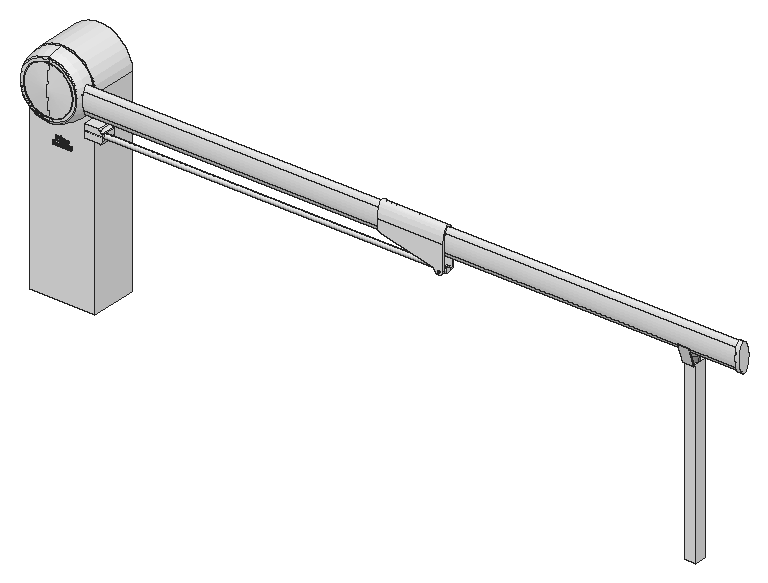
Revit family "Automatic Barrier-Ditec-Qik7EH", category Electrical Fixtures, Revit 2014
Parameters
  Youtube clip = ""
  With Joint [instance] = yes
  Weight Net (Kg) = 0
  Uniclass 2015 Name = ""
  Uniclass 2015 Code = ""
  Uniclass 2.0 Description = ""
  Uniclass 2.0 Code = ""
  Uniclass 1.4 Description = ""
  Uniclass 1.4 Code = ""
  UNSPSC Code = ""
  Torque/Thrust = "70 Nm"
  Technical description = ""
  Stroke control = "encoder"
  Release for manual opening = "Key-operated"
  Region South America = "All"
  Region Oceania = "All"
  Region North America = "All"
  Region Middle East = "All"
  Region Europe = "All"
  Region Asia = "All"
  Region Antarctica = "All"
  Region Africa = "All"
  QR code = "http://bimobject.com/ditec/product/dit-qik7"
  Protection rating = "IP 24D"
  Product group = "Automatic Barriers"
  Product family = "Gate Automation & Barriers"
  Product dimensions (mm) = "300x320x1050"
  Product data url = "http://bimobject.com/ditec/product/dit-qik7"
  Product certification = ""
  Product SKU = "dit-qik7"
  Product Guid = "776337cf-841a-4556-9f4e-64578078620e"
  Power supply = "230 V AC / 50-60 Hz"
  Power input = "1 A"
  Operating temperature = "-20°C / +55°C  (-35°C / +55°C with NIO enabled), (-10°C / +50°C with battery)"
  Opening speed = "2÷6 s/90°"
  Opened Barrier Arm [instance] = no
  OmniClass Description = ""
  OmniClass Code = ""
  Nominal width = 300
  Nominal height = 1050
  NBS Reference Description = ""
  NBS Reference Code = ""
  Material secondary = "Plastic"
  Material main = "Steel"
  Manufacturer name = "Ditec"
  Manufacturer country = "China"
  Intermittent operation = "S2 = 60 min, S3 = 60%"
  Installation instructions = "http://ftp.ditec.it/manuali/Manuali_Quarto/QIK4E-QIK7EH_IP1861EN.pdf"
  IFC Classification = ""
  Edition number = 1
  EAN code = ""
  Duty class = "5 - heavy duty"
  Design country = "Italy"
  Date of publishing = ""
  Control panel = "EL31R + M1QK (built-in)"
  Closing speed = "2÷6 s/90°"
  COBIe Type Category = ""
  Barrier Mounting Base back lines = not(Barrier Mounting Base)  # no
  Barrier Mounting Base = or(Arm Length Constraint = 1900 mm, Arm Length Constraint > 1900 mm)  # yes
  BIMobject category = ""
  Arm Length Constraint = if(Arm Length < 1300 mm, 1300 mm, if(Arm Length > 5800 mm, 5800 mm, Arm Length))  # 3000 mm
  Arm Length = 3000 mm
Reference planes
  plane 1 "Center (Front/Back)": y = 0
  plane 2: z = 0
  plane 3 "Center (Left/Right)": x = 0
  plane 4: z = 1050
  plane 5: z = 900
  plane 6: x = -300
  plane 7: x = -150
  plane 8: y = -210
  plane 9: x = 3000
  plane 10: x = 2980
  plane 11: x = 2800
  plane 12: x = 2750
Forms (mm)
  Sweep 1, solid, material "Qik7EH_aluminium", detail levels medium+fine
    path origin (0, 0, 0) x (0, 1, 0) y (0, 0, 1)
      loop
        line (0, 0) -> (-210, 0)
    profile origin (0, -105, 0) x (0, 0, -1) y (1, 0, 0)
      loop
        line (0, 0) -> (-900, 0)
        arc (-900, 0) -> (-1050, -150) -> (-900, -300) r 150
        line (-900, -300) -> (0, -300) -> (0, 0)
  Revolve 2, solid, material "Qik7EH_aluminium", detail levels fine
    sketch origin (-150, -1524, 1592.275) x (0, 0, 1) y (0, -1, 0)
      loop
        line (-557.05, -1314) -> (-557.05, -1308.595) -> (-545.05, -1308.595)
        arc (-545.05, -1308.595) -> (-549.975, -1271.92) -> (-561.643, -1236.803) r 197.831
        arc (-561.643, -1236.803) -> (-563.128, -1235.053) -> (-565.327, -1234.399) r 4.024
        line (-565.327, -1234.399) -> (-577.851, -1234.399) -> (-577.851, -1239.399) -> (-582.851, -1239.399) -> (-582.851, -1234.399)
        arc (-582.851, -1234.399) -> (-637.346, -1227.023) -> (-692.275, -1224.405) r 633.049
        line (-692.275, -1224.405) -> (-692.275, -1314) -> (-557.05, -1314)
      loop
        line (-692.275, -1524) -> (-692.275, -1534) -> (-672.275, -1534)
        arc (-672.275, -1534) -> (-643.561, -1532.791) -> (-615.05, -1529.173) r 341.651
        arc (-615.05, -1529.173) -> (-613.078, -1528.246) -> (-612.275, -1526.22) r 2.96
        line (-612.275, -1526.22) -> (-612.275, -1524) -> (-692.275, -1524)
      axis (-692.275, -1224.405) -> (-692.275, -1534)
    angle from 0 to 360
  Sweep 3, solid, material "Qik7EH_aluminium", detail levels medium
    path origin (0, 0, 0) x (1, 0, 0) y (0, 1, 0)
      loop
        line (-150, -210) -> (-150, -299.595)
    profile origin (-150, -254.798, 0) x (1, 0, 0) y (0, 0, 1)
      loop
        circle (0, 900) r 150
  Sweep 4, solid, material "Qik7EH_aluminium", detail levels coarse
    path origin (0, 0, 0) x (1, 0, 0) y (0, 0, 1)
      loop
        line (-300, 0) -> (-300, 1050)
    profile origin (-300, 0, 525) x (-1, 0, 0) y (0, -1, 0)
      loop
        line (0, 0) -> (0, 299.595) -> (-300, 299.595) -> (-300, 0) -> (0, 0)
  Sweep 5, solid, material "Qik7EH_aluminium", visible <- "Barrier Mounting Base"
    path origin (0, 0, 0) x (1, 0, 0) y (0, 0, 1)
      loop
        line (2800, 0) -> (2750, 0)
    profile origin (2775, 0, 0) x (0, 0, -1) y (0, -1, 0)
      loop
        line (0, 260.426) -> (0, 285.426) -> (-810, 285.426) -> (-810, 295.426) -> (-894.572, 326.208) -> (-895.598, 323.389) -> (-813, 293.325) -> (-813, 260.426) -> (-813, 227.527) -> (-895.598, 197.463) -> (-894.572, 194.644) -> (-810, 225.426) -> (-810, 235.426) -> (0, 235.426) -> (0, 260.426)
  Sweep 6, solid, material "Qik7EH_Rubber", visible <- "Barrier Mounting Base"
    path origin (0, 0, 0) x (1, 0, 0) y (0, 0, 1)
      loop
        line (2775, 813) -> (2775, 835)
    profile origin (2775, 0, 824) x (-1, 0, 0) y (0, -1, 0)
      loop
        circle (0, 260.426) r 20
Lines and regions (mm)
  Masking region 1
    outline origin (0, 0, 0) x (1, 0, 0) y (0, 0, 1)
      loop
        line (0, 0) -> (0, 840) -> (0, 922.5) -> (-1.697, 922.5)
        arc (-1.697, 922.5) -> (-161.282, 1049.575) -> (-300, 900) r 150
        line (-300, 900) -> (-300, 0) -> (0, 0)
  Masking region 2, detail levels medium+fine
    outline origin (0, 0, 0) x (0, 1, 0) y (0, 0, 1)
      loop
        line (0, 0) -> (0, 820) -> (2.22, 820)
        arc (2.22, 820) -> (4.246, 820.803) -> (5.173, 822.775) r 2.96
        arc (5.173, 822.775) -> (8.791, 851.286) -> (10, 880) r 341.651
        line (10, 880) -> (10, 900) -> (10, 920)
        arc (10, 920) -> (8.791, 948.714) -> (5.173, 977.225) r 341.651
        arc (5.173, 977.225) -> (4.246, 979.197) -> (2.22, 980) r 2.96
        line (2.22, 980) -> (0, 980) -> (0, 1050) -> (-210, 1050) -> (-210, 1047.225) -> (-215.405, 1047.225)
        arc (-215.405, 1047.225) -> (-252.08, 1042.3) -> (-287.197, 1030.632) r 197.831
        arc (-287.197, 1030.632) -> (-288.947, 1029.148) -> (-289.601, 1026.948) r 4.024
        line (-289.601, 1026.948) -> (-289.601, 1009.425)
        arc (-289.601, 1009.425) -> (-296.977, 954.93) -> (-299.595, 900) r 633.049
        arc (-299.595, 900) -> (-297.908, 856.39) -> (-293.221, 813) r 633.049
        arc (-293.221, 813) -> (-293.004, 811.5) -> (-292.784, 810) r 633.049
        arc (-292.784, 810) -> (-291.268, 800.275) -> (-289.601, 790.575) r 633.049
        line (-289.601, 790.575) -> (-289.601, 773.052)
        arc (-289.601, 773.052) -> (-288.947, 770.852) -> (-287.197, 769.368) r 4.024
        arc (-287.197, 769.368) -> (-286.313, 768.981) -> (-285.426, 768.599) r 197.831
        arc (-285.426, 768.599) -> (-260.888, 759.949) -> (-235.426, 754.595) r 197.831
        arc (-235.426, 754.595) -> (-225.439, 753.43) -> (-215.405, 752.775) r 197.831
        line (-215.405, 752.775) -> (-210, 752.775) -> (-210, 0) -> (0, 0)
  Masking region 3, visible <- "Barrier Mounting Base"
    outline origin (0, 0, 0) x (1, 0, 0) y (0, 0, 1)
      loop
        line (2750, 895.598) -> (2750, 0) -> (2800, 0) -> (2800, 895.598) -> (2750, 895.598)
  Masking region 4, visible <- "Barrier Mounting Base"
    outline origin (0, 0, 0) x (1, 0, 0) y (0, 1, 0)
      loop
        line (2750, -194.644) -> (2750, -240.426) -> (2800, -240.426) -> (2800, -194.644) -> (2750, -194.644)
      loop
        line (2750, -326.208) -> (2800, -326.208) -> (2800, -280.426) -> (2750, -280.426) -> (2750, -326.208)
  Masking region 5, visible <- "Barrier Mounting Base"
    outline origin (0, 0, 0) x (0, 1, 0) y (0, 0, 1)
      loop
        line (-285.426, 810) -> (-285.426, 0) -> (-235.426, 0) -> (-235.426, 810) -> (-225.426, 810) -> (-194.644, 894.572) -> (-197.463, 895.598) -> (-227.527, 813) -> (-240.426, 813) -> (-240.426, 835) -> (-280.426, 835) -> (-280.426, 813) -> (-293.325, 813) -> (-323.389, 895.598) -> (-326.208, 894.572) -> (-295.426, 810) -> (-285.426, 810)
  Masking region 6, detail levels coarse
    outline origin (0, 0, 0) x (0, 1, 0) y (0, 0, 1)
      loop
        line (-299.595, 1050) -> (-299.595, 830.226) -> (-299.595, 821.455) -> (-299.595, 0) -> (0, 0) -> (0, 1050) -> (-299.595, 1050)
  symbolic lines, detail levels fine
    curve 1: circle (-150, 0, 900) r 109.425 normal (0, -1, 0)
    curve 2: circle (-150, 0, 900) r 114.425 normal (0, -1, 0)
    curve 6: line (0, 5.173, 977.225) -> (0, 5.173, 822.775)
    curve 8: line (0, -215.405, 1047.225) -> (0, -215.405, 846.304)
    curve 9: line (0, -289.601, 790.575) -> (0, -289.601, 810)
    curve 11: line (-227.225, 5.173, 0) -> (-72.775, 5.173, 0)
    curve 15: line (0, -289.601, 813) -> (0, -289.601, 1009.425)
    curve 17: line (0, -215.405, 837.533) -> (0, -215.405, 752.775)
  symbolic lines, detail levels medium+fine
    curve 3: circle (-150, 0, 900) r 147.225 normal (0, -1, 0)
    curve 5: line (0, 0, 980) -> (0, 0, 820)
    curve 7: line (0, -210, 1047.225) -> (0, -210, 861.154)
    curve 10: line (-230, 0, 0) -> (-70, 0, 0)
    curve 19: line (0, -210, 852.383) -> (0, -210, 752.775)
  symbolic lines
    curve 4: line (0, 0, 840) -> (0, 0, 922.5)
  symbolic lines, visible <- "Barrier Mounting Base", detail levels medium+fine
    curve 12: line (2750, 0, 810) -> (2800, 0, 810)
  symbolic lines, visible <- "Barrier Mounting Base back lines", detail levels medium+fine
    curve 13: arc (0, -285.426, 768.599) -> (0, -260.888, 759.949) -> (0, -235.426, 754.595) r 197.831
    curve 16: arc (0, -293.221, 813) -> (0, -293.004, 811.5) -> (0, -292.784, 810) r 633.049
    curve 20: line (0, -210, 861.154) -> (0, -210, 852.383)
  symbolic lines, visible <- "Barrier Mounting Base back lines", detail levels fine
    curve 14: line (0, -289.601, 810) -> (0, -289.601, 813)
    curve 18: line (0, -215.405, 846.304) -> (0, -215.405, 837.533)
  symbolic lines, visible <- "Barrier Mounting Base", detail levels fine
    curve 21: line (0, -240.426, 813) -> (0, -280.426, 813)
  symbolic lines, visible <- "Barrier Mounting Base back lines", detail levels coarse
    curve 22: line (0, -299.595, 821.455) -> (0, -299.595, 830.226)
Dimensions and locks
  locked: plane 4 to level at 1050
  locked: plane 4 to plane 5 at 150
  plane 5 to level = 900 mm
  locked: plane 6 to plane 3 "Center (Left/Right)" at 300
  locked: plane 8 to plane 1 "Center (Front/Back)" at 210
  locked: Revolve 2 sketch curve to plane 8 at 89.595
  locked: plane 1 "Center (Front/Back)" to Revolve 2 sketch curve at 10
  equal spacing: plane 6, plane 7, plane 3 "Center (Left/Right)", locked at 150 each
  "Arm Length Constraint": plane 9 to plane 3 "Center (Left/Right)"
  locked: plane 9 to plane 10 at 20
  locked: Sweep 3 sketch curve to plane 8 at 89.595
  locked: plane 9 to plane 11 at 200
  locked: plane 11 to plane 12 at 50
  locked: plane 11 to Sweep 6 sketch curve at 25
  equal spacing: plane 12, Sweep 6 sketch curve, plane 11, locked at 25 each
  aligned and locked: level to plane 2
  aligned and locked: plane 5 to Revolve 2 sketch curve  (x3)
  aligned and locked: Revolve 2 sketch curve to plane 8
  aligned and locked: Revolve 2 sketch curve to plane 1 "Center (Front/Back)"
  aligned and locked: plane 7 to Revolve 2 sketch curve
  aligned and locked: nested 1 to plane 7
  aligned and locked: plane 1 "Center (Front/Back)" to Sweep 1 sketch curve
  aligned and locked: plane 8 to Sweep 1 sketch curve
  aligned and locked: Sweep 1 sketch curve to level
  aligned and locked: plane 8 to Sweep 3 sketch curve
  aligned and locked: plane 4 to Sweep 4 sketch curve
  aligned and locked: level to Sweep 4 sketch curve
  aligned and locked: Sweep 4 sketch curve to plane 6  (x2)
  aligned and locked: plane 1 "Center (Front/Back)" to Sweep 4 sketch curve
  aligned and locked: Sweep 4 sketch curve to plane 3 "Center (Left/Right)"
  aligned and locked: plane 11 to Sweep 5 sketch curve
  aligned and locked: plane 12 to Sweep 5 sketch curve
  aligned and locked: Sweep 5 sketch curve to level
  aligned and locked: Masking region 3 sketch curve to plane 11
  aligned and locked: plane 12 to Masking region 3 sketch curve
  aligned and locked: Masking region 3 sketch curve to level
  aligned and locked: plane 11 to curve 12
  aligned and locked: plane 12 to curve 12
  aligned and locked: plane 12 to Masking region 4 sketch curve  (x2)
  aligned and locked: Masking region 4 sketch curve to plane 11
  aligned and locked: plane 11 to Masking region 4 sketch curve
  aligned and locked: nested 2 to plane 1 "Center (Front/Back)"
  aligned and locked: plane 7 to nested 2
  aligned and locked: nested 2 to plane 5
Automatic sketch dimensions
  plane 1 "Center (Front/Back)" to curve 10 = 0 mm
  curve 10 to plane 3 "Center (Left/Right)" = 70 mm
  curve 11 to curve 10 = 2.775 mm
  curve 11 to plane 1 "Center (Front/Back)" = 5.173 mm
  curve 11 to plane 6 = 72.775 mm
  curve 10 to curve 11 = 2.775 mm
  Sweep 1 sketch curve to plane 3 "Center (Left/Right)" = 0 mm
  Sweep 1 sketch curve to profile plane = 0 mm
  profile plane to Sweep 1 sketch curve = 900 mm
  Sweep 1 sketch curve to plane 3 "Center (Left/Right)" = 150 mm
  Sweep 3 sketch curve to plane 7 = 0 mm
  profile plane to Sweep 3 sketch curve = 0 mm
  level to Sweep 3 sketch curve = 900 mm
  plane 1 "Center (Front/Back)" to Sweep 4 sketch curve = 299.595 mm
  Sweep 5 sketch curve to profile plane = 0 mm
  plane 1 "Center (Front/Back)" to Sweep 5 sketch curve = 235.426 mm
  profile plane to Sweep 5 sketch curve = 810 mm
  Sweep 5 sketch curve to Sweep 5 sketch curve = 0 mm
  plane 1 "Center (Front/Back)" to Sweep 5 sketch curve = 293.325 mm
  plane 1 "Center (Front/Back)" to Sweep 5 sketch curve = 227.527 mm
  Sweep 5 sketch curve to Sweep 5 sketch curve = 3 mm
  plane 1 "Center (Front/Back)" to Sweep 5 sketch curve = 326.208 mm
  Sweep 5 sketch curve to Sweep 5 sketch curve = 81.572 mm  (x2)
  plane 1 "Center (Front/Back)" to Sweep 5 sketch curve = 194.644 mm
  plane 1 "Center (Front/Back)" to Sweep 5 sketch curve = 323.389 mm
  plane 1 "Center (Front/Back)" to Sweep 5 sketch curve = 197.463 mm
  Sweep 5 sketch curve to Sweep 5 sketch curve = 25 mm  (x3)
  plane 5 to Sweep 6 sketch curve = 87 mm
  Sweep 6 sketch curve to Sweep 6 sketch curve = 22 mm
  plane 1 "Center (Front/Back)" to Sweep 6 sketch curve = 260.426 mm
  plane 5 to Masking region 3 sketch curve = 4.402 mm
  Masking region 4 sketch curve to plane 8 = 15.356 mm
  Masking region 4 sketch curve to Masking region 4 sketch curve = 45.782 mm
  plane 8 to Masking region 4 sketch curve = 30.426 mm
  Masking region 4 sketch curve to Masking region 4 sketch curve = 40 mm
  Masking region 5 sketch curve to level = 0 mm
  plane 5 to Masking region 5 sketch curve = 5.428 mm  (x2)
  plane 5 to Masking region 5 sketch curve = 4.402 mm  (x2)
  Masking region 5 sketch curve to Masking region 5 sketch curve = 2.819 mm
  Masking region 5 sketch curve to Masking region 5 sketch curve = 2.101 mm  (x2)
  plane 8 to Masking region 5 sketch curve = 75.426 mm
  Masking region 5 sketch curve to Masking region 5 sketch curve = 5 mm  (x2)
  plane 8 to Masking region 5 sketch curve = 25.426 mm
  Masking region 5 sketch curve to Masking region 5 sketch curve = 7.899 mm
  Masking region 5 sketch curve to plane 8 = 12.537 mm
  Masking region 5 sketch curve to Masking region 5 sketch curve = 22 mm  (x2)
  Masking region 5 sketch curve to Masking region 5 sketch curve = 3 mm
  Masking region 5 sketch curve to Masking region 5 sketch curve = 42.963 mm
  Masking region 2 sketch curve to Masking region 2 sketch curve = 0 mm  (x19)
  plane 5 to Masking region 2 sketch curve = 0 mm  (x2)
  Masking region 2 sketch curve to plane 8 = 0 mm  (x2)
  Masking region 2 sketch curve to level = 0 mm
  Masking region 2 sketch curve to plane 1 "Center (Front/Back)" = 0 mm  (x2)
  Masking region 2 sketch curve to plane 4 = 0 mm
  plane 8 to Masking region 2 sketch curve = 5.405 mm
  Masking region 2 sketch curve to Masking region 2 sketch curve = 70.171 mm
  Masking region 2 sketch curve to plane 4 = 23.052 mm
  Masking region 2 sketch curve to Masking region 2 sketch curve = 4.024 mm  (x2)
  Masking region 2 sketch curve to plane 5 = 20 mm
  Masking region 2 sketch curve to Masking region 2 sketch curve = 42.05 mm
  Masking region 2 sketch curve to plane 8 = 2.469 mm  (x2)
  Masking region 2 sketch curve to plane 1 "Center (Front/Back)" = 2.22 mm
  Masking region 2 sketch curve to Masking region 2 sketch curve = 2.22 mm
  Masking region 2 sketch curve to plane 1 "Center (Front/Back)" = 10 mm
  Masking region 2 sketch curve to plane 5 = 2.651 mm
  Masking region 2 sketch curve to Masking region 2 sketch curve = 323.448 mm
  Masking region 2 sketch curve to Masking region 2 sketch curve = 20.277 mm
  Masking region 2 sketch curve to Masking region 2 sketch curve = 17.524 mm  (x2)
  plane 5 to Masking region 2 sketch curve = 80 mm
  Masking region 2 sketch curve to Masking region 2 sketch curve = 2.96 mm  (x2)
  plane 5 to Masking region 2 sketch curve = 50.45 mm
  Masking region 2 sketch curve to Masking region 2 sketch curve = 20 mm
  plane 5 to Masking region 2 sketch curve = 2.651 mm
  Masking region 2 sketch curve to plane 5 = 50.45 mm
  Masking region 2 sketch curve to Masking region 2 sketch curve = 57.04 mm
  Masking region 2 sketch curve to plane 4 = 2.775 mm
  Masking region 2 sketch curve to Masking region 2 sketch curve = 20.021 mm  (x2)
  Masking region 2 sketch curve to Masking region 2 sketch curve = 1.771 mm  (x2)
  Masking region 2 sketch curve to Masking region 2 sketch curve = 3.183 mm
  Masking region 2 sketch curve to Masking region 2 sketch curve = 0.437 mm
  Masking region 2 sketch curve to Masking region 2 sketch curve = 79.601 mm
  Masking region 2 sketch curve to Masking region 2 sketch curve = 96.775 mm
  Masking region 2 sketch curve to Masking region 2 sketch curve = 38.43 mm
  Masking region 1 sketch curve to plane 5 = 0 mm
  plane 6 to Masking region 1 sketch curve = 0 mm
  Masking region 1 sketch curve to plane 7 = 0 mm
  Masking region 1 sketch curve to plane 3 "Center (Left/Right)" = 0 mm
  Masking region 1 sketch curve to level = 0 mm
  Masking region 1 sketch curve to plane 3 "Center (Left/Right)" = 1.697 mm
  plane 5 to Masking region 1 sketch curve = 60 mm
  curve 1 to curve 2 = 0 mm  (x2)
  curve 1 to curve 3 = 0 mm  (x2)
  curve 2 to curve 3 = 0 mm  (x2)
  curve 2 to plane 5 = 0 mm
  curve 2 to plane 7 = 0 mm
  curve 4 to plane 3 "Center (Left/Right)" = 0 mm
  curve 4 to plane 5 = 22.5 mm
  plane 5 to curve 4 = 60 mm
  plane 5 to curve 12 = 90 mm
  Masking region 6 sketch curve to plane 4 = 0 mm
  Masking region 6 sketch curve to level = 0 mm
  Masking region 6 sketch curve to plane 1 "Center (Front/Back)" = 0 mm
  plane 8 to Masking region 6 sketch curve = 89.595 mm
  plane 5 to Masking region 6 sketch curve = 78.545 mm
  Masking region 6 sketch curve to Masking region 6 sketch curve = 8.771 mm
  curve 20 to plane 8 = 0 mm
  curve 7 to plane 8 = 0 mm
  curve 19 to plane 8 = 0 mm
  curve 5 to plane 1 "Center (Front/Back)" = 0 mm
  curve 13 to plane 8 = 2.469 mm
  curve 16 to plane 5 = 2.651 mm
  curve 16 to plane 1 "Center (Front/Back)" = 333.448 mm
  curve 13 to plane 5 = 50.45 mm
  plane 8 to curve 17 = 5.405 mm
  plane 8 to curve 8 = 5.405 mm
  curve 18 to curve 8 = 0 mm  (x2)
  curve 13 to curve 17 = 20.021 mm
  plane 8 to curve 21 = 30.426 mm
  curve 21 to curve 21 = 40 mm
  curve 13 to curve 21 = 5 mm
  curve 9 to curve 21 = 9.175 mm
  curve 14 to curve 9 = 0 mm
  curve 15 to curve 14 = 0 mm  (x2)
  curve 16 to curve 9 = 3.183 mm
  curve 16 to curve 16 = 0.437 mm
  curve 22 to curve 16 = 6.375 mm
  curve 6 to plane 1 "Center (Front/Back)" = 5.173 mm
  plane 5 to curve 20 = 38.846 mm
  curve 7 to curve 20 = 0 mm
  curve 20 to curve 20 = 8.771 mm
  curve 19 to curve 20 = 0 mm
  curve 8 to curve 19 = 6.079 mm
  curve 18 to curve 8 = 8.771 mm
  curve 17 to curve 18 = 0 mm
  plane 5 to curve 22 = 69.774 mm
  plane 5 to curve 6 = 77.225 mm
  curve 22 to curve 22 = 8.771 mm
  curve 5 to curve 6 = 2.775 mm
  curve 14 to curve 22 = 8.455 mm
  curve 16 to curve 14 = 0 mm
  curve 14 to curve 21 = 0 mm
  curve 14 to curve 14 = 3 mm
  curve 9 to curve 14 = 0 mm
  curve 9 to curve 9 = 19.425 mm
  curve 13 to curve 9 = 21.976 mm
  curve 17 to curve 13 = 1.82 mm
  curve 17 to curve 19 = 0 mm
  curve 6 to plane 4 = 72.775 mm
  curve 6 to curve 5 = 2.775 mm
  curve 15 to plane 4 = 40.575 mm
  curve 7 to plane 4 = 2.775 mm
  curve 8 to plane 4 = 2.775 mm
  radius of Sweep 3 sketch curve = 150 mm
  radius of Sweep 6 sketch curve = 20 mm
  radius of curve 1 = 109.425 mm
  radius of curve 2 = 114.425 mm
  radius of curve 3 = 147.225 mm
Nested families
  nested 1: "Ditec_Logo" at (-179.787, -210, 672.5) x (1, 0, 0) z (0, -1, 0), type "Ditec_Logo", detail levels fine
  nested 2: "Ditec_Qik7EH_Barrier_Arm" at (-150, -260, 900), type "Ditec_Qik7EH_Barrier_Arm"
Definition of nested family "Ditec_Logo"
  Parameters (values of type "Ditec_Logo")
    Default Elevation = 1219.2 mm
  Reference planes
    plane 1 "Center (Front/Back)": y = 0
    plane 2: z = 0
    plane 3 "Center (Left/Right)": x = 0
    plane 4: x = 103.137
    plane 5: x = -43.563
    plane 6: y = -98.785
    plane 7: x = 29.787
  Forms (mm)
    Extrusion 1, solid
      sketch origin (0, 0, 0) x (1, 0, 0) y (0, 1, 0)
        loop
          line (-1219.2, 1219.2) -> (-1219.2, -1219.2) -> (1219.2, -1219.2) -> (1219.2, 1219.2) -> (-1219.2, 1219.2)
      from 0 to -304.8
    Extrusion 2, solid
      sketch origin (0, 0, 0) x (1, 0, 0) y (0, 1, 0)
        loop
          line (3.867, -3.239) -> (3.867, -15.521) -> (6.215, -15.521) -> (8.654, -15.296) -> (10.48, -14.414)
          arc (10.48, -14.414) -> (11.834, -12.136) -> (12.127, -9.501) r 6.272
          arc (12.127, -9.501) -> (11.839, -7.183) -> (10.831, -5.075) r 7.263
          arc (10.831, -5.075) -> (8.787, -3.606) -> (6.296, -3.239) r 5.325
          line (6.296, -3.239) -> (3.867, -3.239)
        loop
          line (0, -1.701) -> (0, -6.333) -> (0, -19.057) -> (6.701, -19.057)
          arc (6.701, -19.057) -> (16.229, -9.529) -> (6.701, 0) r 9.529
          line (6.701, 0) -> (1.665, 0)
          arc (1.665, 0) -> (0.453, -0.479) -> (0, -1.701) r 1.6
        loop
          line (18.284, -4.44) -> (25.242, 0.599) -> (24.1, 5.107) -> (18.284, -2.212) -> (18.284, -4.44)
        loop
          line (18.255, -5.56) -> (18.255, -19.057) -> (21.764, -19.057) -> (21.764, -5.56) -> (18.255, -5.56)
        loop
          line (28.272, -14.954) -> (28.164, -12.768) -> (28.164, -7.936) -> (31.052, -7.936) -> (31.052, -5.561) -> (28.164, -5.561) -> (28.164, -2.165) -> (24.975, -2.165) -> (24.975, -5.561) -> (23.113, -5.561) -> (23.113, -7.936) -> (24.975, -7.936) -> (24.975, -16.142)
          arc (24.975, -16.142) -> (25.205, -17.719) -> (26.325, -18.853) r 2.552
          line (26.325, -18.853) -> (27.408, -19.171) -> (28.704, -19.381) -> (30.136, -19.324) -> (31.052, -19.246) -> (31.052, -15.752)
          arc (31.052, -15.752) -> (29.424, -16.184) -> (28.272, -14.954) r 1.642
        loop
          line (35.749, -12.957) -> (45.521, -12.957) -> (45.105, -9.994) -> (43.766, -7.423)
          arc (43.766, -7.423) -> (41.55, -5.704) -> (38.799, -5.156) r 6.108
          arc (38.799, -5.156) -> (33.893, -7.192) -> (32.051, -12.174) r 6.639
          arc (32.051, -12.174) -> (34.042, -17.347) -> (39.177, -19.435) r 6.977
          line (39.177, -19.435) -> (41.78, -19.016) -> (43.739, -18.005) -> (44.805, -17.006) -> (45.332, -16.331) -> (42.443, -14.657)
          arc (42.443, -14.657) -> (41.102, -15.834) -> (39.366, -16.25) r 3.717
          arc (39.366, -16.25) -> (37.487, -15.811) -> (36.127, -14.441) r 3.495
          line (36.127, -14.441) -> (35.749, -12.957)
        loop
          arc (40.689, -8.719) -> (39.779, -8.146) -> (38.718, -7.963) r 2.764
          line (38.718, -7.963) -> (37.624, -8.15) -> (36.856, -8.583)
          arc (36.856, -8.583) -> (36.127, -9.426) -> (35.749, -10.473) r 3.059
          line (35.749, -10.473) -> (41.445, -10.473) -> (41.183, -9.412) -> (40.689, -8.719)
        loop
          arc (57.875, -14.295) -> (56.902, -14.169) -> (56.137, -14.784) r 1.25
          arc (56.137, -14.784) -> (55.101, -15.778) -> (53.7, -16.088) r 2.659
          arc (53.7, -16.088) -> (51.169, -14.939) -> (50.272, -12.309) r 3.502
          arc (50.272, -12.309) -> (51.125, -9.659) -> (53.619, -8.422) r 3.58
          arc (53.619, -8.422) -> (55.501, -9.176) -> (56.561, -10.905) r 3.225
          line (56.561, -10.905) -> (59.773, -9.313)
          arc (59.773, -9.313) -> (57.385, -6.263) -> (53.673, -5.156) r 6.381
          arc (53.673, -5.156) -> (48.619, -7.235) -> (46.654, -12.336) r 6.912
          arc (46.654, -12.336) -> (48.553, -17.389) -> (53.538, -19.462) r 6.792
          arc (53.538, -19.462) -> (57.257, -18.364) -> (59.773, -15.413) r 6.806
          line (59.773, -15.413) -> (57.875, -14.295)
        loop
          line (-13.563, -25.446) -> (72.925, -25.446) -> (72.925, -24.646) -> (-13.563, -24.646) -> (-13.563, -25.446)
        loop
          line (-5.628, -31.469) -> (-9.92, -31.469)
          arc (-9.92, -31.469) -> (-13.564, -35.113) -> (-9.92, -38.757) r 3.644
          line (-9.92, -38.757) -> (-5.628, -38.757) -> (-5.628, -37.345) -> (-8.87, -37.345)
          arc (-8.87, -37.345) -> (-10.325, -36.928) -> (-11.26, -35.738) r 2.456
          line (-11.26, -35.738) -> (-6.729, -35.738) -> (-6.729, -34.469) -> (-11.255, -34.469)
          arc (-11.255, -34.469) -> (-10.315, -33.294) -> (-8.87, -32.879) r 2.479
          line (-8.87, -32.879) -> (-5.628, -32.879) -> (-5.628, -31.469)
        loop
          line (3.853, -38.755) -> (3.853, -31.469) -> (1.579, -31.469) -> (1.579, -36.035) -> (-2.468, -31.469) -> (-4.425, -31.469) -> (-4.425, -38.753) -> (-2.152, -38.753) -> (-2.152, -34.203) -> (1.883, -38.755) -> (3.853, -38.755)
        loop
          line (7.807, -32.734) -> (7.807, -38.755) -> (10.139, -38.755) -> (10.139, -32.734) -> (12.887, -32.734) -> (12.887, -31.465) -> (5.046, -31.465) -> (5.046, -32.734) -> (7.807, -32.734)
        loop
          line (14.089, -31.465) -> (14.089, -38.755) -> (16.401, -38.755) -> (16.401, -35.933) -> (18.263, -35.933) -> (19.859, -38.755) -> (22.361, -38.755) -> (20.531, -35.731)
          arc (20.531, -35.731) -> (22.369, -33.566) -> (20.457, -31.465) r 2.152
          line (20.457, -31.465) -> (14.089, -31.465)
        loop
          line (18.944, -32.757) -> (16.401, -32.757) -> (16.401, -34.648) -> (18.944, -34.648)
          arc (18.944, -34.648) -> (19.89, -33.703) -> (18.944, -32.757) r 0.945
        loop
          line (29.162, -37.344) -> (28.047, -37.344)
          arc (28.047, -37.344) -> (26.607, -36.92) -> (25.683, -35.738) r 2.457
          line (25.683, -35.738) -> (30.215, -35.738) -> (30.215, -34.469) -> (25.689, -34.469)
          arc (25.689, -34.469) -> (26.628, -33.294) -> (28.073, -32.879) r 2.478
          line (28.073, -32.879) -> (31.316, -32.879) -> (31.316, -31.469) -> (27.023, -31.469)
          arc (27.023, -31.469) -> (24.414, -32.505) -> (23.381, -35.115) r 3.536
          arc (23.381, -35.115) -> (24.418, -37.72) -> (27.023, -38.757) r 3.544
          line (27.023, -38.757) -> (28.314, -38.757) -> (29.162, -37.344)
        loop
          line (38.79, -38.755) -> (40.989, -35.094) -> (40.989, -38.755) -> (43.065, -38.755) -> (43.065, -31.467) -> (41.425, -31.467) -> (39.367, -34.895) -> (39.367, -31.467) -> (37.729, -31.467) -> (33.358, -38.755) -> (35.465, -38.755) -> (37.661, -35.094) -> (37.661, -38.755) -> (38.79, -38.755)
        loop
          line (43.871, -38.785) -> (46.374, -38.785) -> (46.819, -37.49) -> (50.149, -37.49) -> (50.588, -38.753) -> (53.042, -38.753) -> (49.869, -31.465) -> (47.063, -31.465) -> (43.871, -38.785)
        loop
          line (48.47, -32.653) -> (47.241, -36.252) -> (49.72, -36.252) -> (48.47, -32.653)
        loop
          line (52.469, -32.731) -> (54.957, -32.731) -> (54.957, -38.755) -> (57.293, -38.755) -> (57.293, -32.731) -> (59.775, -32.731) -> (59.775, -31.465) -> (52.469, -31.465) -> (52.469, -32.731)
        loop
          line (63.556, -38.747) -> (63.556, -31.465) -> (61.242, -31.465) -> (61.242, -38.747) -> (63.556, -38.747)
        loop
          arc (64.99, -35.115) -> (66.027, -37.72) -> (68.632, -38.757) r 3.544
          line (68.632, -38.757) -> (72.925, -38.757) -> (72.925, -37.345) -> (69.652, -37.345)
          arc (69.652, -37.345) -> (67.962, -36.735) -> (67.191, -35.111) r 2.36
          arc (67.191, -35.111) -> (67.979, -33.484) -> (69.682, -32.879) r 2.382
          line (69.682, -32.879) -> (72.925, -32.879) -> (72.925, -31.469) -> (68.632, -31.469)
          arc (68.632, -31.469) -> (66.023, -32.505) -> (64.99, -35.115) r 3.536
        loop
          line (32.583, -38.755) -> (36.943, -31.484) -> (35.646, -31.484) -> (31.286, -38.755) -> (32.583, -38.755)
        loop
          line (34.128, -31.484) -> (29.766, -38.757) -> (30.566, -38.757) -> (34.928, -31.484) -> (34.128, -31.484)
      from 0 to 2
  Dimensions and locks
    equal spacing: plane 5, plane 7, plane 4, locked at 73.35 each
    aligned and locked: plane 2 to Extrusion 1
    aligned and locked: level to Extrusion 1
  Automatic sketch dimensions
    Extrusion 1 sketch curve to Extrusion 1 sketch curve = 2438.4 mm  (x2)
    Extrusion 2 sketch curve to plane 3 "Center (Left/Right)" = 0 mm
    plane 1 "Center (Front/Back)" to Extrusion 2 sketch curve = 0 mm
    Extrusion 2 sketch curve to plane 3 "Center (Left/Right)" = 2.152 mm
    Extrusion 2 sketch curve to plane 3 "Center (Left/Right)" = 2.468 mm
    Extrusion 2 sketch curve to Extrusion 2 sketch curve = 2.273 mm
    Extrusion 2 sketch curve to Extrusion 2 sketch curve = 1.203 mm  (x2)
    Extrusion 2 sketch curve to Extrusion 2 sketch curve = 1.101 mm
    Extrusion 2 sketch curve to Extrusion 2 sketch curve = 2.141 mm
    Extrusion 2 sketch curve to Extrusion 2 sketch curve = 2.212 mm
    Extrusion 2 sketch curve to Extrusion 2 sketch curve = 0.014 mm  (x2)
    Extrusion 2 sketch curve to Extrusion 2 sketch curve = 0.965 mm
    Extrusion 2 sketch curve to Extrusion 2 sketch curve = 1.335 mm
    Extrusion 2 sketch curve to Extrusion 2 sketch curve = 0.005 mm  (x3)
    Extrusion 2 sketch curve to Extrusion 2 sketch curve = 3.642 mm
    plane 3 "Center (Left/Right)" to Extrusion 2 sketch curve = 1.579 mm
    plane 3 "Center (Left/Right)" to Extrusion 2 sketch curve = 1.597 mm
    Extrusion 2 sketch curve to Extrusion 2 sketch curve = 0.068 mm
    plane 3 "Center (Left/Right)" to Extrusion 2 sketch curve = 1.883 mm
    Extrusion 2 sketch curve to Extrusion 2 sketch curve = 2.274 mm
    plane 3 "Center (Left/Right)" to Extrusion 2 sketch curve = 3.867 mm
    plane 3 "Center (Left/Right)" to Extrusion 2 sketch curve = 4.869 mm
    Extrusion 2 sketch curve to Extrusion 2 sketch curve = 1.193 mm
    Extrusion 2 sketch curve to Extrusion 2 sketch curve = 1.019 mm
    Extrusion 2 sketch curve to Extrusion 2 sketch curve = 2.348 mm
    Extrusion 2 sketch curve to Extrusion 2 sketch curve = 2.429 mm
    Extrusion 2 sketch curve to Extrusion 2 sketch curve = 0.405 mm
    Extrusion 2 sketch curve to Extrusion 2 sketch curve = 0.088 mm  (x2)
    Extrusion 2 sketch curve to Extrusion 2 sketch curve = 3.954 mm
    Extrusion 2 sketch curve to Extrusion 2 sketch curve = 2.439 mm
    Extrusion 2 sketch curve to Extrusion 2 sketch curve = 2.332 mm
    Extrusion 2 sketch curve to Extrusion 2 sketch curve = 1.825 mm
    Extrusion 2 sketch curve to Extrusion 2 sketch curve = 2.748 mm
    Extrusion 2 sketch curve to Extrusion 2 sketch curve = 1.202 mm
    Extrusion 2 sketch curve to Extrusion 2 sketch curve = 2.312 mm  (x2)
    Extrusion 2 sketch curve to Extrusion 2 sketch curve = 7.775 mm
    Extrusion 2 sketch curve to Extrusion 2 sketch curve = 1.863 mm  (x3)
    Extrusion 2 sketch curve to Extrusion 2 sketch curve = 0.03 mm
    Extrusion 2 sketch curve to Extrusion 2 sketch curve = 2.543 mm
    Extrusion 2 sketch curve to Extrusion 2 sketch curve = 1.596 mm
    Extrusion 2 sketch curve to Extrusion 2 sketch curve = 1.273 mm
    Extrusion 2 sketch curve to Extrusion 2 sketch curve = 1.513 mm
    Extrusion 2 sketch curve to Extrusion 2 sketch curve = 1.587 mm
    Extrusion 2 sketch curve to Extrusion 2 sketch curve = 3.509 mm
    Extrusion 2 sketch curve to Extrusion 2 sketch curve = 2.501 mm
    Extrusion 2 sketch curve to Extrusion 2 sketch curve = 1.349 mm
    plane 7 to Extrusion 2 sketch curve = 5.687 mm
    Extrusion 2 sketch curve to plane 1 "Center (Front/Back)" = 0.599 mm
    Extrusion 2 sketch curve to Extrusion 2 sketch curve = 0.267 mm
    plane 7 to Extrusion 2 sketch curve = 4.104 mm
    Extrusion 2 sketch curve to Extrusion 2 sketch curve = 1.35 mm
    Extrusion 2 sketch curve to Extrusion 2 sketch curve = 1.227 mm
    Extrusion 2 sketch curve to Extrusion 2 sketch curve = 0.008 mm  (x3)
    plane 7 to Extrusion 2 sketch curve = 2.764 mm  (x2)
    Extrusion 2 sketch curve to Extrusion 2 sketch curve = 1.083 mm
    plane 7 to Extrusion 2 sketch curve = 2.298 mm
    Extrusion 2 sketch curve to Extrusion 2 sketch curve = 1.073 mm
    plane 7 to Extrusion 2 sketch curve = 1.741 mm
    plane 7 to Extrusion 2 sketch curve = 1.714 mm
    plane 7 to Extrusion 2 sketch curve = 1.623 mm  (x2)
    plane 7 to Extrusion 2 sketch curve = 1.515 mm
    Extrusion 2 sketch curve to Extrusion 2 sketch curve = 1.291 mm
    plane 7 to Extrusion 2 sketch curve = 1.084 mm
    plane 7 to Extrusion 2 sketch curve = 0.626 mm
    plane 7 to Extrusion 2 sketch curve = 0.021 mm
    Extrusion 2 sketch curve to plane 7 = 0.089 mm
    Extrusion 2 sketch curve to plane 7 = 0.349 mm
    Extrusion 2 sketch curve to plane 7 = 0.428 mm
    Extrusion 2 sketch curve to plane 7 = 0.779 mm
    Extrusion 2 sketch curve to Extrusion 2 sketch curve = 0.916 mm
    Extrusion 2 sketch curve to plane 7 = 1.265 mm
    Extrusion 2 sketch curve to Extrusion 2 sketch curve = 0.72 mm
    Extrusion 2 sketch curve to plane 7 = 1.528 mm
    Extrusion 2 sketch curve to Extrusion 2 sketch curve = 1.297 mm  (x2)
    Extrusion 2 sketch curve to Extrusion 2 sketch curve = 0.775 mm
    Extrusion 2 sketch curve to Extrusion 2 sketch curve = 2.812 mm
    Extrusion 2 sketch curve to Extrusion 2 sketch curve = 0.8 mm  (x2)
    Extrusion 2 sketch curve to Extrusion 2 sketch curve = 2.107 mm
    Extrusion 2 sketch curve to Extrusion 2 sketch curve = 0.719 mm
    Extrusion 2 sketch curve to Extrusion 2 sketch curve = 4.697 mm
    Extrusion 2 sketch curve to Extrusion 2 sketch curve = 0 mm  (x14)
    Extrusion 2 sketch curve to Extrusion 2 sketch curve = 0.378 mm
    Extrusion 2 sketch curve to Extrusion 2 sketch curve = 1.107 mm
    Extrusion 2 sketch curve to Extrusion 2 sketch curve = 0.769 mm
    Extrusion 2 sketch curve to Extrusion 2 sketch curve = 0.718 mm
    Extrusion 2 sketch curve to Extrusion 2 sketch curve = 0.786 mm
    Extrusion 2 sketch curve to Extrusion 2 sketch curve = 2.93 mm
    Extrusion 2 sketch curve to Extrusion 2 sketch curve = 1.094 mm
    Extrusion 2 sketch curve to Extrusion 2 sketch curve = 0.021 mm  (x2)
    Extrusion 2 sketch curve to Extrusion 2 sketch curve = 1.129 mm
    Extrusion 2 sketch curve to Extrusion 2 sketch curve = 0.246 mm
    Extrusion 2 sketch curve to Extrusion 2 sketch curve = 0.342 mm
    Extrusion 2 sketch curve to Extrusion 2 sketch curve = 3.05 mm  (x2)
    Extrusion 2 sketch curve to Extrusion 2 sketch curve = 0.169 mm
    Extrusion 2 sketch curve to Extrusion 2 sketch curve = 1.638 mm
    Extrusion 2 sketch curve to Extrusion 2 sketch curve = 0.202 mm
    Extrusion 2 sketch curve to Extrusion 2 sketch curve = 1.971 mm
    Extrusion 2 sketch curve to Extrusion 2 sketch curve = 2.199 mm
    Extrusion 2 sketch curve to Extrusion 2 sketch curve = 0.493 mm
    Extrusion 2 sketch curve to Extrusion 2 sketch curve = 2.058 mm
    Extrusion 2 sketch curve to Extrusion 2 sketch curve = 0.262 mm
    Extrusion 2 sketch curve to Extrusion 2 sketch curve = 2.603 mm
    Extrusion 2 sketch curve to Extrusion 2 sketch curve = 2.076 mm
    Extrusion 2 sketch curve to Extrusion 2 sketch curve = 1.96 mm
    plane 1 "Center (Front/Back)" to Extrusion 2 sketch curve = 7.423 mm
    Extrusion 2 sketch curve to Extrusion 2 sketch curve = 2.583 mm
    Extrusion 2 sketch curve to Extrusion 2 sketch curve = 0.806 mm
    Extrusion 2 sketch curve to Extrusion 2 sketch curve = 1.065 mm
    Extrusion 2 sketch curve to Extrusion 2 sketch curve = 1.34 mm
    Extrusion 2 sketch curve to Extrusion 2 sketch curve = 0.527 mm
    Extrusion 2 sketch curve to Extrusion 2 sketch curve = 0.415 mm
    Extrusion 2 sketch curve to Extrusion 2 sketch curve = 2.503 mm
    Extrusion 2 sketch curve to Extrusion 2 sketch curve = 0.446 mm
    Extrusion 2 sketch curve to Extrusion 2 sketch curve = 3.998 mm
    Extrusion 2 sketch curve to Extrusion 2 sketch curve = 0.421 mm
    Extrusion 2 sketch curve to Extrusion 2 sketch curve = 1.406 mm
    Extrusion 2 sketch curve to Extrusion 2 sketch curve = 2.479 mm
    Extrusion 2 sketch curve to Extrusion 2 sketch curve = 1.399 mm
    Extrusion 2 sketch curve to Extrusion 2 sketch curve = 0.429 mm
    Extrusion 2 sketch curve to Extrusion 2 sketch curve = 0.439 mm
    Extrusion 2 sketch curve to Extrusion 2 sketch curve = 2.599 mm
    Extrusion 2 sketch curve to Extrusion 2 sketch curve = 2.453 mm
    Extrusion 2 sketch curve to Extrusion 2 sketch curve = 7.9 mm
    Extrusion 2 sketch curve to Extrusion 2 sketch curve = 0.017 mm  (x3)
    Extrusion 2 sketch curve to Extrusion 2 sketch curve = 0.113 mm
    Extrusion 2 sketch curve to Extrusion 2 sketch curve = 0.141 mm
    Extrusion 2 sketch curve to Extrusion 2 sketch curve = 0.212 mm
    Extrusion 2 sketch curve to Extrusion 2 sketch curve = 0.371 mm
    Extrusion 2 sketch curve to Extrusion 2 sketch curve = 0.277 mm
    Extrusion 2 sketch curve to Extrusion 2 sketch curve = 0.296 mm
    Extrusion 2 sketch curve to Extrusion 2 sketch curve = 2.488 mm
    plane 1 "Center (Front/Back)" to Extrusion 2 sketch curve = 10.905 mm
    Extrusion 2 sketch curve to Extrusion 2 sketch curve = 2.769 mm
    Extrusion 2 sketch curve to Extrusion 2 sketch curve = 3.394 mm
    Extrusion 2 sketch curve to Extrusion 2 sketch curve = 2.337 mm
    Extrusion 2 sketch curve to Extrusion 2 sketch curve = 0.635 mm
    Extrusion 2 sketch curve to Extrusion 2 sketch curve = 1.898 mm
    plane 1 "Center (Front/Back)" to Extrusion 2 sketch curve = 9.313 mm
    Extrusion 2 sketch curve to Extrusion 2 sketch curve = 3.213 mm
    Extrusion 2 sketch curve to Extrusion 2 sketch curve = 2.481 mm
    Extrusion 2 sketch curve to Extrusion 2 sketch curve = 3.949 mm
    Extrusion 2 sketch curve to Extrusion 2 sketch curve = 2.314 mm
    Extrusion 2 sketch curve to Extrusion 2 sketch curve = 4.969 mm
    Extrusion 2 sketch curve to Extrusion 2 sketch curve = 0.099 mm
    Extrusion 2 sketch curve to Extrusion 2 sketch curve = 0.107 mm
    Extrusion 2 sketch curve to Extrusion 2 sketch curve = 1.023 mm
    Extrusion 2 sketch curve to Extrusion 2 sketch curve = 1.02 mm
    Extrusion 2 sketch curve to Extrusion 2 sketch curve = 1.05 mm  (x2)
    Extrusion 2 sketch curve to Extrusion 2 sketch curve = 3.273 mm
    Extrusion 2 sketch curve to Extrusion 2 sketch curve = 4.293 mm
    Extrusion 2 sketch curve to Extrusion 2 sketch curve = 3.242 mm
    Extrusion 2 sketch curve to Extrusion 2 sketch curve = 3.548 mm
    Extrusion 2 sketch curve to Extrusion 2 sketch curve = 0.288 mm
    Extrusion 2 sketch curve to Extrusion 2 sketch curve = 0.631 mm
    Extrusion 2 sketch curve to Extrusion 2 sketch curve = 0.105 mm
    Extrusion 2 sketch curve to Extrusion 2 sketch curve = 0.534 mm
    Extrusion 2 sketch curve to Extrusion 2 sketch curve = 0.459 mm
    Extrusion 2 sketch curve to Extrusion 2 sketch curve = 0.072 mm
    Extrusion 2 sketch curve to Extrusion 2 sketch curve = 0.666 mm
    Extrusion 2 sketch curve to Extrusion 2 sketch curve = 0.073 mm
    Extrusion 2 sketch curve to Extrusion 2 sketch curve = 0.519 mm
    Extrusion 2 sketch curve to Extrusion 2 sketch curve = 0.069 mm
    Extrusion 2 sketch curve to Extrusion 2 sketch curve = 0.015 mm
    Extrusion 2 sketch curve to Extrusion 2 sketch curve = 0.226 mm
    Extrusion 2 sketch curve to Extrusion 2 sketch curve = 0.973 mm
    Extrusion 2 sketch curve to Extrusion 2 sketch curve = 1.163 mm
    Extrusion 2 sketch curve to Extrusion 2 sketch curve = 0.777 mm
    Extrusion 2 sketch curve to Extrusion 2 sketch curve = 3.39 mm
    plane 1 "Center (Front/Back)" to Extrusion 2 sketch curve = 14.414 mm
    Extrusion 2 sketch curve to Extrusion 2 sketch curve = 1.485 mm
    Extrusion 2 sketch curve to Extrusion 2 sketch curve = 1.838 mm
    Extrusion 2 sketch curve to Extrusion 2 sketch curve = 1.7 mm
    Extrusion 2 sketch curve to Extrusion 2 sketch curve = 0.348 mm
    Extrusion 2 sketch curve to Extrusion 2 sketch curve = 0.881 mm
    Extrusion 2 sketch curve to Extrusion 2 sketch curve = 1.077 mm
    Extrusion 2 sketch curve to Extrusion 2 sketch curve = 1.118 mm
    Extrusion 2 sketch curve to Extrusion 2 sketch curve = 0.225 mm
    Extrusion 2 sketch curve to Extrusion 2 sketch curve = 1.188 mm  (x2)
    Extrusion 2 sketch curve to Extrusion 2 sketch curve = 1.674 mm
    Extrusion 2 sketch curve to Extrusion 2 sketch curve = 1.628 mm
    Extrusion 2 sketch curve to Extrusion 2 sketch curve = 0.675 mm
    Extrusion 2 sketch curve to Extrusion 2 sketch curve = 0.999 mm
    Extrusion 2 sketch curve to Extrusion 2 sketch curve = 1.012 mm
    Extrusion 2 sketch curve to Extrusion 2 sketch curve = 2.915 mm
    Extrusion 2 sketch curve to Extrusion 2 sketch curve = 3.536 mm
    Extrusion 2 sketch curve to Extrusion 2 sketch curve = 3.494 mm
    Extrusion 2 sketch curve to Extrusion 2 sketch curve = 0.318 mm
    Extrusion 2 sketch curve to Extrusion 2 sketch curve = 0.078 mm
    Extrusion 2 sketch curve to Extrusion 2 sketch curve = 0.057 mm
    Extrusion 2 sketch curve to Extrusion 2 sketch curve = 0.419 mm
    Extrusion 2 sketch curve to Extrusion 2 sketch curve = 9.233 mm
    Extrusion 2 sketch curve to Extrusion 2 sketch curve = 12.448 mm
    Extrusion 2 sketch curve to Extrusion 2 sketch curve = 12.408 mm
    Extrusion 2 sketch curve to Extrusion 2 sketch curve = 0.002 mm  (x2)
    Extrusion 2 sketch curve to Extrusion 2 sketch curve = 6.024 mm  (x2)
    Extrusion 2 sketch curve to Extrusion 2 sketch curve = 1.266 mm  (x2)
    Extrusion 2 sketch curve to Extrusion 2 sketch curve = 1.269 mm  (x4)
    Extrusion 2 sketch curve to Extrusion 2 sketch curve = 1.293 mm
    Extrusion 2 sketch curve to Extrusion 2 sketch curve = 1.41 mm  (x3)
    Extrusion 2 sketch curve to Extrusion 2 sketch curve = 0.846 mm
    Extrusion 2 sketch curve to Extrusion 2 sketch curve = 0.945 mm
    Extrusion 2 sketch curve to Extrusion 2 sketch curve = 2.734 mm
    Extrusion 2 sketch curve to Extrusion 2 sketch curve = 1.589 mm  (x2)
    Extrusion 2 sketch curve to Extrusion 2 sketch curve = 0.469 mm
    Extrusion 2 sketch curve to Extrusion 2 sketch curve = 0.468 mm
    Extrusion 2 sketch curve to Extrusion 2 sketch curve = 3.428 mm
    Extrusion 2 sketch curve to Extrusion 2 sketch curve = 2.108 mm
    Extrusion 2 sketch curve to Extrusion 2 sketch curve = 0.116 mm
    Extrusion 2 sketch curve to Extrusion 2 sketch curve = 0.199 mm  (x2)
    Extrusion 2 sketch curve to Extrusion 2 sketch curve = 0.224 mm
    Extrusion 2 sketch curve to Extrusion 2 sketch curve = 0.21 mm
    Extrusion 2 sketch curve to Extrusion 2 sketch curve = 0.211 mm
    Extrusion 2 sketch curve to Extrusion 2 sketch curve = 0.271 mm
    Extrusion 2 sketch curve to Extrusion 2 sketch curve = 1.285 mm
    Extrusion 2 sketch curve to Extrusion 2 sketch curve = 1.831 mm
    Extrusion 2 sketch curve to Extrusion 2 sketch curve = 3.599 mm
    Extrusion 2 sketch curve to Extrusion 2 sketch curve = 2.087 mm
    Extrusion 2 sketch curve to Extrusion 2 sketch curve = 1.412 mm  (x2)
    Extrusion 2 sketch curve to Extrusion 2 sketch curve = 1.237 mm
    Extrusion 2 sketch curve to Extrusion 2 sketch curve = 3.636 mm
    Extrusion 2 sketch curve to Extrusion 2 sketch curve = 1.264 mm
    Extrusion 2 sketch curve to Extrusion 2 sketch curve = 0.004 mm
    Extrusion 2 sketch curve to Extrusion 2 sketch curve = 3.662 mm
    Extrusion 2 sketch curve to Extrusion 2 sketch curve = 2.721 mm
    Extrusion 2 sketch curve to Extrusion 2 sketch curve = 1.411 mm
    Extrusion 2 sketch curve to Extrusion 2 sketch curve = 2.822 mm
    Extrusion 2 sketch curve to Extrusion 2 sketch curve = 3.024 mm
    Extrusion 2 sketch curve to Extrusion 2 sketch curve = 1.413 mm
    Extrusion 2 sketch curve to Extrusion 2 sketch curve = 1.295 mm
    Extrusion 2 sketch curve to Extrusion 2 sketch curve = 0.245 mm
    Extrusion 2 sketch curve to Extrusion 2 sketch curve = 0.787 mm
    Extrusion 2 sketch curve to Extrusion 2 sketch curve = 0.614 mm
    Extrusion 2 sketch curve to Extrusion 2 sketch curve = 2.57 mm
    Extrusion 2 sketch curve to Extrusion 2 sketch curve = 1.061 mm
    Extrusion 2 sketch curve to Extrusion 2 sketch curve = 0.92 mm
    Extrusion 2 sketch curve to Extrusion 2 sketch curve = 0.693 mm
    Extrusion 2 sketch curve to Extrusion 2 sketch curve = 0.987 mm
    Extrusion 2 sketch curve to Extrusion 2 sketch curve = 0.433 mm
    Extrusion 2 sketch curve to Extrusion 2 sketch curve = 2.537 mm
    Extrusion 2 sketch curve to Extrusion 2 sketch curve = 2.89 mm
    Extrusion 2 sketch curve to Extrusion 2 sketch curve = 2.375 mm  (x2)
    Extrusion 2 sketch curve to Extrusion 2 sketch curve = 1.12 mm
    plane 1 "Center (Front/Back)" to Extrusion 2 sketch curve = 3.239 mm
    plane 1 "Center (Front/Back)" to Extrusion 2 sketch curve = 2.212 mm
    plane 1 "Center (Front/Back)" to Extrusion 2 sketch curve = 2.165 mm
    plane 1 "Center (Front/Back)" to Extrusion 2 sketch curve = 1.701 mm
    Extrusion 2 sketch curve to Extrusion 2 sketch curve = 4.508 mm
    Extrusion 2 sketch curve to Extrusion 2 sketch curve = 4.535 mm
    Extrusion 2 sketch curve to plane 7 = 2.263 mm
    Extrusion 2 sketch curve to Extrusion 2 sketch curve = 1.134 mm
    Extrusion 2 sketch curve to Extrusion 2 sketch curve = 3.166 mm
    Extrusion 2 sketch curve to Extrusion 2 sketch curve = 3.703 mm
    Extrusion 2 sketch curve to Extrusion 2 sketch curve = 0.173 mm
    Extrusion 2 sketch curve to Extrusion 2 sketch curve = 0.147 mm
Definition of nested family "Ditec_Qik7EH_Barrier_Arm"
  Parameters (values of type "Ditec_Qik7EH_Barrier_Arm")
    With Joint = yes
    Opened Without Joint = and(Opened Barrier Arm, not(With Joint))  # no
    Opened With Joint = and(Opened Barrier Arm, With Joint)  # no
    Opened Barrier Arm = no
    Closed With Joint = and(Closed Barrier Arm, With Joint)  # yes
    Closed Barrier Arm = not(Opened Barrier Arm)  # yes
    Arm_Length/2 = Arm Length Constraint / 2  # 1500 mm
    Arm Length Constraint = 3000 mm
  Reference planes
    plane 1 "Center (Front/Back)": y = 0
    plane 2: z = 0
    plane 3 "Center (Left/Right)": x = 0
    plane 4: x = 150
    plane 5: y = 260
    plane 6: x = 3150
    plane 7: z = 0
    plane 8: z = 150
    plane 9: z = 3150
    plane 10: x = 1800
    plane 11: x = 1500
    plane 12: x = 1650
    plane 13: z = 1650
    plane 14: x = 1500
    plane 15: z = -116.233
    plane 16: x = 220.585
    plane 17: y = 50.4
    plane 18: z = 1533.767
    plane 19: z = -116.233
    plane 20: x = 1780.585
  Forms (mm)
    Sweep 1, solid, visible <- "Closed Barrier Arm", detail levels fine
      path origin (0, 0, 0) x (1, 0, 0) y (0, 1, 0)
        loop
          line (150, 0) -> (3130, 0)
      profile "Qik7EH_barrier_arm_profile : Qik7EH_barrier_arm_profile" origin (1640, 0, 0) x (0, 1, 0) y (0, 0, 1)
        loop
          spline (14.907, -40) -> (16.415, -34.279) -> (17.68, -28.051) -> (18.683, -21.409) -> (19.411, -14.451) -> (19.852, -7.279) -> (20, 0) -> (19.852, 7.279) -> (19.411, 14.451) -> (18.683, 21.409) -> (17.68, 28.051) -> (16.415, 34.279) -> (14.907, 40)
          spline (14.907, 40) -> (12.898, 45.856) -> (10.636, 50.813) -> (8.165, 54.772) -> (5.534, 57.657) -> (2.794, 59.411) -> (0, 60) -> (-2.794, 59.411) -> (-5.534, 57.657) -> (-8.165, 54.772) -> (-10.636, 50.813) -> (-12.898, 45.856) -> (-14.907, 40)
          spline (-14.907, 40) -> (-16.415, 34.279) -> (-17.68, 28.051) -> (-18.683, 21.409) -> (-19.411, 14.451) -> (-19.852, 7.279) -> (-20, 0) -> (-19.852, -7.279) -> (-19.411, -14.451) -> (-18.683, -21.409) -> (-17.68, -28.051) -> (-16.415, -34.279) -> (-14.907, -40)
          spline (-14.907, -40) -> (-12.898, -45.856) -> (-10.636, -50.813) -> (-8.165, -54.772) -> (-5.534, -57.657) -> (-2.794, -59.411) -> (0, -60) -> (2.794, -59.411) -> (5.534, -57.657) -> (8.165, -54.772) -> (10.636, -50.813) -> (12.898, -45.856) -> (14.907, -40)
    Sweep 2, solid, material "Qik7EH_aluminium", visible <- "Closed Barrier Arm", detail levels fine
      path origin (0, 0, 0) x (1, 0, 0) y (0, 1, 0)
        loop
          line (3150, 0) -> (3130, 0)
      profile "Qik7EH_barrier_arm_cap_profile : Qik7EH_barrier_arm_cap_profile" origin (3140, 0, 0) x (0, -1, 0) y (0, 0, 1)
        loop
          spline (0, -65) -> (6.47, -62.785) -> (12.5, -56.292) -> (17.678, -45.962) -> (21.651, -32.5) -> (24.148, -16.823) -> (25, 0) -> (24.148, 16.823) -> (21.651, 32.5) -> (17.678, 45.962) -> (12.5, 56.292) -> (6.47, 62.785) -> (0, 65)
          spline (0, 65) -> (-6.47, 62.785) -> (-12.5, 56.292) -> (-17.678, 45.962) -> (-21.651, 32.5) -> (-24.148, 16.823) -> (-25, 0) -> (-24.148, -16.823) -> (-21.651, -32.5) -> (-17.678, -45.962) -> (-12.5, -56.292) -> (-6.47, -62.785) -> (0, -65)
    Sweep 3, solid, material "Qik7EH_aluminium", visible <- "Closed Barrier Arm"
      path origin (0, 0, 0) x (1, 0, 0) y (0, 0, 1)
        loop
          line (150, 0) -> (80, 0)
      profile "Qik7EH_barrier_arm_holder_profile : Qik7EH_barrier_arm_holder_profile" origin (115, 0, 0) x (0, 0, -1) y (0, -1, 0)
        loop
          line (-22.5, -10) -> (22.5, -10) -> (22.5, 10) -> (-22.5, 10) -> (-22.5, -10)
    Sweep 4, solid, material "Qik7EH_aluminium", visible <- "Closed Barrier Arm", detail levels coarse
      path origin (0, 0, 0) x (1, 0, 0) y (0, 1, 0)
        loop
          line (150, 0) -> (3150, 0)
      profile origin (1650, 0, 0) x (0, 1, 0) y (0, 0, 1)
        loop
          line (0, 60) -> (-20, 60) -> (-20, -60) -> (20, -60) -> (20, 60) -> (0, 60)
    Sweep 5, solid, material "Qik7EH_aluminium", visible <- "Opened Without Joint", detail levels fine
      path origin (0, 0, 0) x (1, 0, 0) y (0, 0, 1)
        loop
          line (0, 150) -> (0, 3130)
      profile "Qik7EH_barrier_arm_profile : Qik7EH_barrier_arm_profile" origin (0, 0, 1640) x (-1, 0, 0) y (0, -1, 0)
        loop
          spline (40, 14.907) -> (34.279, 16.415) -> (28.051, 17.68) -> (21.409, 18.683) -> (14.451, 19.411) -> (7.279, 19.852) -> (0, 20) -> (-7.279, 19.852) -> (-14.451, 19.411) -> (-21.409, 18.683) -> (-28.051, 17.68) -> (-34.279, 16.415) -> (-40, 14.907)
          spline (-40, 14.907) -> (-45.856, 12.898) -> (-50.813, 10.636) -> (-54.772, 8.165) -> (-57.657, 5.534) -> (-59.411, 2.794) -> (-60, 0) -> (-59.411, -2.794) -> (-57.657, -5.534) -> (-54.772, -8.165) -> (-50.813, -10.636) -> (-45.856, -12.898) -> (-40, -14.907)
          spline (-40, -14.907) -> (-34.279, -16.415) -> (-28.051, -17.68) -> (-21.409, -18.683) -> (-14.451, -19.411) -> (-7.279, -19.852) -> (0, -20) -> (7.279, -19.852) -> (14.451, -19.411) -> (21.409, -18.683) -> (28.051, -17.68) -> (34.279, -16.415) -> (40, -14.907)
          spline (40, -14.907) -> (45.856, -12.898) -> (50.813, -10.636) -> (54.772, -8.165) -> (57.657, -5.534) -> (59.411, -2.794) -> (60, 0) -> (59.411, 2.794) -> (57.657, 5.534) -> (54.772, 8.165) -> (50.813, 10.636) -> (45.856, 12.898) -> (40, 14.907)
    Sweep 6, solid, material "Qik7EH_aluminium", visible <- "Opened Without Joint", detail levels fine
      path origin (0, 0, 0) x (1, 0, 0) y (0, 0, 1)
        loop
          line (0, 3150) -> (0, 3130)
      profile "Qik7EH_barrier_arm_cap_profile : Qik7EH_barrier_arm_cap_profile" origin (0, 0, 3140) x (1, 0, 0) y (0, -1, 0)
        loop
          spline (65, 0) -> (62.785, 6.47) -> (56.292, 12.5) -> (45.962, 17.678) -> (32.5, 21.651) -> (16.823, 24.148) -> (0, 25) -> (-16.823, 24.148) -> (-32.5, 21.651) -> (-45.962, 17.678) -> (-56.292, 12.5) -> (-62.785, 6.47) -> (-65, 0)
          spline (-65, 0) -> (-62.785, -6.47) -> (-56.292, -12.5) -> (-45.962, -17.678) -> (-32.5, -21.651) -> (-16.823, -24.148) -> (0, -25) -> (16.823, -24.148) -> (32.5, -21.651) -> (45.962, -17.678) -> (56.292, -12.5) -> (62.785, -6.47) -> (65, 0)
    Sweep 7, solid, material "Qik7EH_aluminium", visible <- "Opened Without Joint", detail levels medium
      path origin (0, 0, 0) x (1, 0, 0) y (0, 0, 1)
        loop
          line (0, 150) -> (0, 3150)
      profile "Qik7EH_barrier_arm_profile : Qik7EH_barrier_arm_profile" origin (0, 0, 1650) x (-1, 0, 0) y (0, -1, 0)
        loop
          spline (40, 14.907) -> (34.279, 16.415) -> (28.051, 17.68) -> (21.409, 18.683) -> (14.451, 19.411) -> (7.279, 19.852) -> (0, 20) -> (-7.279, 19.852) -> (-14.451, 19.411) -> (-21.409, 18.683) -> (-28.051, 17.68) -> (-34.279, 16.415) -> (-40, 14.907)
          spline (-40, 14.907) -> (-45.856, 12.898) -> (-50.813, 10.636) -> (-54.772, 8.165) -> (-57.657, 5.534) -> (-59.411, 2.794) -> (-60, 0) -> (-59.411, -2.794) -> (-57.657, -5.534) -> (-54.772, -8.165) -> (-50.813, -10.636) -> (-45.856, -12.898) -> (-40, -14.907)
          spline (-40, -14.907) -> (-34.279, -16.415) -> (-28.051, -17.68) -> (-21.409, -18.683) -> (-14.451, -19.411) -> (-7.279, -19.852) -> (0, -20) -> (7.279, -19.852) -> (14.451, -19.411) -> (21.409, -18.683) -> (28.051, -17.68) -> (34.279, -16.415) -> (40, -14.907)
          spline (40, -14.907) -> (45.856, -12.898) -> (50.813, -10.636) -> (54.772, -8.165) -> (57.657, -5.534) -> (59.411, -2.794) -> (60, 0) -> (59.411, 2.794) -> (57.657, 5.534) -> (54.772, 8.165) -> (50.813, 10.636) -> (45.856, 12.898) -> (40, 14.907)
    Sweep 8, solid, material "Qik7EH_aluminium", visible <- "Opened Without Joint", detail levels coarse
      path origin (0, 0, 0) x (1, 0, 0) y (0, 0, 1)
        loop
          line (0, 150) -> (0, 3150)
      profile origin (0, 0, 1650) x (-1, 0, 0) y (0, -1, 0)
        loop
          line (60, 0) -> (60, 20) -> (-60, 20) -> (-60, -20) -> (60, -20) -> (60, 0)
    Sweep 9, solid, material "Qik7EH_aluminium", visible <- "Opened Barrier Arm"
      path origin (0, 0, 0) x (1, 0, 0) y (0, 0, 1)
        loop
          line (0, 150) -> (0, 80)
      profile "Qik7EH_barrier_arm_holder_profile : Qik7EH_barrier_arm_holder_profile" origin (0, 0, 115) x (1, 0, 0) y (0, -1, 0)
        loop
          line (-22.5, -10) -> (22.5, -10) -> (22.5, 10) -> (-22.5, 10) -> (-22.5, -10)
    Sweep 10, solid, material "Qik7EH_aluminium", visible <- "Closed With Joint", detail levels medium+fine
      path origin (0, 0, 0) x (1, 0, 0) y (0, 0, 1)
        loop
          line (1800, 0) -> (1500, 0)
      profile "Qik7EH_barrier_joint_profile : Qik7EH_barrier_joint_profile" origin (1650, 0, 0) x (0, 0, -1) y (0, -1, 0)
        loop
          spline (0, -25) -> (-16.823, -24.148) -> (-32.5, -21.651) -> (-45.962, -17.678) -> (-56.292, -12.5) -> (-62.785, -6.47) -> (-65, 0) -> (-62.785, 6.47) -> (-56.292, 12.5) -> (-45.962, 17.678) -> (-32.5, 21.651) -> (-16.823, 24.148) -> (0, 25)
          line (0, 25) -> (140, 25) -> (140, 28) -> (0, 28)
